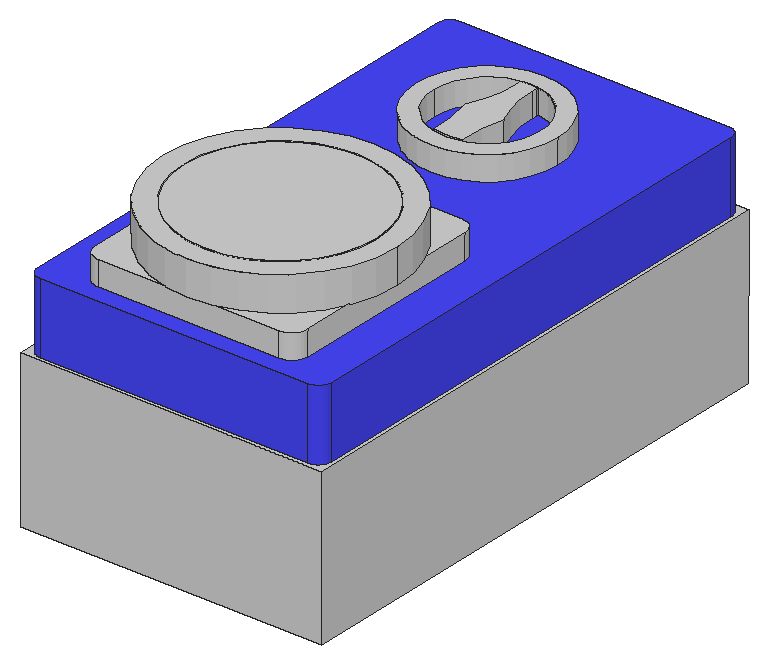
Revit family "Building-IEC309Connections-GEWISS-67IB-INTERLOCKED-SOCKET-OUTLETS_IP67_WITH_BOTTOM_63A", category Apparecchi elettrici, host Superficie, Revit 2019
Family settings
  Host = Superficie
  Mantenere orientamento annotazione = Sì
  Quota connettore circolare = Usa diametro
  Tipo di parte = Normale
  Taglio con vuoti quando caricato = Sì
  Condiviso = Sì
  Punto di calcolo locali = Sì
Parameters (values of type "GW67266N - 63A 3P+N+E 500V V.INT.SOCK.O.W.B.7H SBF")
  vista 2d [instance] = yes
  presa = Giallo
  giallo = 0 mm
  dist_piano [instance] = 27 mm
  Working temperature = "-25 ÷ +40 °C"
  With back-mounting box = "Yes"
  Version file RFA = "21.4"
  URL = "https://www.gewiss.com/ww/en"
  Typology = "Vertical"
  Thermo-pressure with ball = "125 °C (IB socket) - 80 °C (bottom)"
  Technical sheet = "https://www.gewiss.com/ww/en/search?q=GW67266N"
  Struttura = Grigio RAL - 7035
  Simbolo presa = PRESAINDSTAGNA : 3P
  Simbolo circuito [instance] = not(Simbolo)  # no
  Simbolo [instance] = yes
  Shock resistance = "IK08"
  SEO = "Socket outlet"
  Reference h = "7"
  Realized by GEWISS S.p.A. = ""
  Rated voltage: = "480 - 500 V"
  Rated voltage = "480 - 500 V"
  Rated frequency (Hz) = "50/60 Hz"
  Rated current (In) = "63"
  Rated current (A) = "63"
  Protection = "NO (SBF)"
  Default Elevation = 1219.2 mm
  Produttore = "GEWISS S.p.A."
  Operating temperature: = "-25 +40 °C"
  Number of poles = "3P+N+E"
  No. of poles = "3P+N+E"
  Modello = "GW67266N"
  Immagine tipo = F.jpg
  IP degree = "IP67"
  IDT = "a25d3694-d0a1-482b-9cd4-b67b9b60fa6b"
  IDF = "51023168-ce68-4f6c-bb69-d728f941b970"
  Glow wire test: = "850 °C (IB socket) - 650 °C (bottom)"
  Glow Wire Test = "850 °C (IB socket) - 650 °C (bottom)"
  Frequency = "50/60 Hz"
  Electrocod = "2222"
  EAN code = "8011564742369"
  Distanza x [instance] = 500 mm
  Distanza orizzontale simbolo [instance] = 0 mm
  Distanza effettiva x [instance] = 1500 mm - Distanza x  # 1000 mm
  Descrizione = "63A 3P+N+E 500V V.INT.SOCK.O.W.B.7H SBF"
  Corpo presa = GEWISS -BLU
  Cornice simbolo [instance] = yes
  Colour: = "Black"
  Colour = "Black"
  Catalogue Range = "67 IB"
  Catalogue = "BUILDING"
  COBie.Tagnumber = ""
  COBie.CreatedOn = ""
  COBie.CreatebBy = ""
  COBie.ComponentRegisterItemID = ""
  COBie.Component.TagNumber = ""
  COBie.Component.Space = ""
  COBie.Component.SerialNumber = ""
  COBie.Component.InstallationDate = ""
  COBie.Component.Description = ""
  COBie.Component.BarCode = ""
Types (11, lengths in mm): name | Technical sheet | Reference h | Rated voltage: | Rated voltage | Number of poles | No. of poles | Modello | IDT | EAN code | Descrizione | Colour: | Colour
  GW67256N - 63A 2P+E 110V V.INT.SOCK.O.W.B.4H SBF | "https://www.gewiss.com/ww/en/search?q=GW67256N" | "4" | "100 - 130 V" | "100 - 130 V" | "2P+E" | "2P+E" | "GW67256N" | "8fdad033-a92a-423d-bc6e-bef3b97897df" | "8011564742260" | "63A 2P+E 110V V.INT.SOCK.O.W.B.4H SBF" | "Yellow" | "Yellow"
  GW67257N - 63A 3P+E 110V V.INT.SOCK.O.W.B.4H SBF | "https://www.gewiss.com/ww/en/search?q=GW67257N" | "4" | "100 - 130 V" | "100 - 130 V" | "3P+E" | "3P+E" | "GW67257N" | "91e21c8c-c76c-4e34-ac3a-9f97cf986669" | "8011564742277" | "63A 3P+E 110V V.INT.SOCK.O.W.B.4H SBF" | "Yellow" | "Yellow"
  GW67258N - 63A 3P+N+E 110V V.INT.SOCK.O.W.B.4H SBF | "https://www.gewiss.com/ww/en/search?q=GW67258N" | "4" | "100 - 130 V" | "100 - 130 V" | "3P+N+E" | "3P+N+E" | "GW67258N" | "631404ad-5649-4120-8917-5fa8497cd763" | "8011564742284" | "63A 3P+N+E 110V V.INT.SOCK.O.W.B.4H SBF" | "Yellow" | "Yellow"
  GW67259N - 63A 2P+E 230V V.INT.SOCK.O.W.B.6H SBF | "https://www.gewiss.com/ww/en/search?q=GW67259N" | "6" | "200 - 250 V" | "200 - 250 V" | "2P+E" | "2P+E" | "GW67259N" | "7ddf4237-16a7-477c-9937-33ebed956893" | "8011564742291" | "63A 2P+E 230V V.INT.SOCK.O.W.B.6H SBF" | "Blue" | "Blue"
  GW67260N - 63A 3P+E 230V V.INT.SOCK.O.W.B.9H SBF | "https://www.gewiss.com/ww/en/search?q=GW67260N" | "9" | "200 - 250 V" | "200 - 250 V" | "3P+E" | "3P+E" | "GW67260N" | "67527fd8-7205-423c-9187-120e1a3945ee" | "8011564742307" | "63A 3P+E 230V V.INT.SOCK.O.W.B.9H SBF" | "Blue" | "Blue"
  GW67261N - 63A 3P+N+E 230V V.INT.SOCK.O.W.B.9H SBF | "https://www.gewiss.com/ww/en/search?q=GW67261N" | "9" | "200 - 250 V" | "200 - 250 V" | "3P+N+E" | "3P+N+E" | "GW67261N" | "055e547c-e120-4819-abdd-465e57ecccb4" | "8011564742314" | "63A 3P+N+E 230V V.INT.SOCK.O.W.B.9H SBF" | "Blue" | "Blue"
  GW67262N - 63A 2P+E 400V V.INT.SOCK.O.W.B.9H SBF | "https://www.gewiss.com/ww/en/search?q=GW67262N" | "9" | "380 - 415 V" | "380 - 415 V" | "2P+E" | "2P+E" | "GW67262N" | "fb7d3f5e-b132-4634-977c-0418e4937dbc" | "8011564742321" | "63A 2P+E 400V V.INT.SOCK.O.W.B.9H SBF" | "Red" | "Red"
  GW67263N - 63A 3P+E 400V V.INT.SOCK.O.W.B.6H SBF | "https://www.gewiss.com/ww/en/search?q=GW67263N" | "6" | "380 - 415 V" | "380 - 415 V" | "3P+E" | "3P+E" | "GW67263N" | "13e97b7c-4eef-48a1-8beb-254d1d083109" | "8011564742338" | "63A 3P+E 400V V.INT.SOCK.O.W.B.6H SBF" | "Red" | "Red"
  GW67264N - 63A 3P+N+E 400V V.INT.SOCK.O.W.B.6H SBF | "https://www.gewiss.com/ww/en/search?q=GW67264N" | "6" | "380 - 415 V" | "380 - 415 V" | "3P+N+E" | "3P+N+E" | "GW67264N" | "135a3347-8137-4a4e-a16f-901cfc3f4d26" | "8011564742345" | "63A 3P+N+E 400V V.INT.SOCK.O.W.B.6H SBF" | "Red" | "Red"
  GW67265N - 63A 3P+E 500V V.INT.SOCK.O.W.B.7H SBF | "https://www.gewiss.com/ww/en/search?q=GW67265N" | "7" | "480 - 500 V" | "480 - 500 V" | "3P+E" | "3P+E" | "GW67265N" | "9ffe0ccf-5cf4-42d7-8c17-889b2288932e" | "8011564742352" | "63A 3P+E 500V V.INT.SOCK.O.W.B.7H SBF" | "Black" | "Black"
  GW67266N - 63A 3P+N+E 500V V.INT.SOCK.O.W.B.7H SBF | "https://www.gewiss.com/ww/en/search?q=GW67266N" | "7" | "480 - 500 V" | "480 - 500 V" | "3P+N+E" | "3P+N+E" | "GW67266N" | "a25d3694-d0a1-482b-9cd4-b67b9b60fa6b" | "8011564742369" | "63A 3P+N+E 500V V.INT.SOCK.O.W.B.7H SBF" | "Black" | "Black"
Reference planes
  plane 1 "Centro (Fronte/Retro)": y = 0
  plane 2: z = 0
  plane 3 "Centro (Sinistra/Destra)": x = 0
  plane 4: z = -2
  plane 5: z = 102
  plane 6: x = -1500
  plane 7: x = 0
  plane 8: x = -74.725
  plane 9: y = 132.145
  plane 10: x = 74.725
  plane 11: y = -132.145
  plane 12: z = 25
  plane 13: x = -500
Forms (mm)
  Extrusion 1, solid, material "Grigio RAL - 7035" <- "Struttura"
    sketch origin (0, 0, 0) x (0, 1, 0) y (0, 0, 1)
      loop
        line (-132.145, 102) -> (-132.145, 25) -> (132.145, 25) -> (132.145, 102) -> (-132.145, 102)
    from -74.725 to 74.725
  Extrusion 2, solid, detail levels coarse
    sketch origin (0, 0, 0) x (0, 1, 0) y (0, 0, 1)
      loop
        line (-132.145, 166) -> (-132.145, 102) -> (132.145, 102) -> (132.145, 166) -> (-132.145, 166)
    from -74.725 to 74.725
Lines and regions (mm)
  Masking region 1, visible <- "vista 2d"
    outline origin (0, 0, 0) x (1, 0, 0) y (0, 0, 1)
      loop
        line (-58, 149) -> (58, 149) -> (58, 166) -> (-58, 166) -> (-58, 149)
  Masking region 2, visible <- "vista 2d"
    outline origin (0, 0, 0) x (1, 0, 0) y (0, 0, 1)
      loop
        line (-52.725, 137) -> (52.725, 137) -> (52.725, 149) -> (-52.725, 149) -> (-52.725, 137)
  Masking region 3, visible <- "vista 2d"
    outline origin (0, 0, 0) x (1, 0, 0) y (0, 0, 1)
      loop
        line (-72.725, 102) -> (72.725, 102) -> (72.725, 137) -> (-72.725, 137) -> (-72.725, 102)
Dimensions and locks
  locked: plane 2 to plane 4 at 2
  "dist_piano": plane 12 to plane 4
  plane 3 "Centro (Sinistra/Destra)" to plane 6 = 1500 mm
  locked: nested 1 to plane 9 at 2
  locked: plane 8 to nested 1 at 2
  locked: plane 11 to nested 1 at 2
  locked: nested 1 to plane 10 at 2
  locked: plane 5 to plane 12 at 77
  "Distanza effettiva x": plane 6 to plane 13
  plane 6 to plane 3 "Centro (Sinistra/Destra)" = 1500 mm
  aligned and locked: plane 2 to host face
  aligned and locked: level to host face
  aligned and locked: plane 3 "Centro (Sinistra/Destra)" to nested 1
  aligned and locked: plane 7 to nested 1
  aligned and locked: nested 1 to plane 5
  aligned and locked: Extrusion 1 sketch curve to plane 11
  aligned and locked: Extrusion 1 sketch curve to plane 12
  aligned and locked: Extrusion 1 sketch curve to plane 9
  aligned and locked: Extrusion 1 sketch curve to plane 5
  aligned and locked: Extrusion 1 to plane 8
  aligned and locked: Extrusion 1 to plane 10
  aligned and locked: nested 2 to plane 13
  aligned and locked: Extrusion 2 sketch curve to plane 11
  aligned and locked: Extrusion 2 sketch curve to plane 9
  aligned and locked: Extrusion 2 sketch curve to nested 1
  aligned and locked: Extrusion 2 sketch curve to plane 5
  aligned and locked: Extrusion 2 to plane 8
  aligned and locked: Extrusion 2 to plane 10
  aligned and locked: Masking region 1 sketch curve to nested 1  (x4)
  aligned and locked: Masking region 2 sketch curve to nested 1  (x4)
  aligned and locked: Masking region 3 sketch curve to nested 1  (x3)
  aligned and locked: nested 1 to Masking region 3 sketch curve
  aligned and locked: plane 13 to nested 3
Automatic sketch dimensions
  host sketch curve to host sketch curve = 2438.4 mm  (x2)
Nested families
  nested 1: "67IB PRESE INTERBLOC VERT 63A IP67_base" at (0, 0, 102), type "67IB PRESE INTERBLOC VERT 63A IP67_base", detail levels medium+fine
  nested 2: "PRESAINDSTAGNA" at (-500, 132.145, 0), BORDO ACCESO <- "Cornice simbolo", SIMBOLO ACCESO <- "Simbolo", type <- "Simbolo presa", Distanza dal muro <- "Distanza orizzontale simbolo", type "3P"
    with SIMBOLO ACCESO yes, Distanza dal muro 0 mm, BORDO ACCESO yes
  nested 3: "simbolo_circuito" at (-499.076, 132.145, 0), Distanza dal muro <- "Distanza orizzontale simbolo", SIMBOLO ACCESO <- "Simbolo circuito", type "3P"
    with SIMBOLO ACCESO no, Distanza dal muro 0 mm, BORDO ACCESO yes
Connectors
  electrical at (0, 0.052, 102)
    settings: on nested 1, index 1, voltage 0 V, apparent load 0 VA, apparent load phase1 0 VA, apparent load phase2 0 VA, apparent load phase3 0 VA, power factor 1, load classification "Altro", number of poles 1, system type 31, power factor state 1, is connector primary yes, connector utility no, sub classification motor no, connector description ""
Definition of nested family "67IB PRESE INTERBLOC VERT 63A IP67_base"
  Parameters (values of type "67IB PRESE INTERBLOC VERT 63A IP67_base")
    w = 145.449 mm
    raggio = 47.607 mm
    l = 260.291 mm
    corpo presa = none
    Struttura = none
    Spessore = 30 mm
    Default Elevation = 14 mm
    Presa = none
    Lunghezza = 103 mm
    IFC.TypeObject = ""
    IFC.ExportType = ""
    IFC.ExportAs = ""
    H_da terra = 586.883 mm
    COBie.CreatedOn = ""
    COBie.CreatebBy = ""
    COBie.ComponentRegisterItemID = ""
    COBie.Component.TagNumber = ""
    COBie.Component.Space = ""
    COBie.Component.SerialNumber = ""
    COBie.Component.InstallationDate = ""
    COBie.Component.Description = ""
    COBie.Component.BarCode = ""
    Altezza = 220 mm
  Reference planes
    plane 1 "Centro (Fronte/Retro)": y = 0
    plane 2: z = 0
    plane 3 "Centro (Sinistra/Destra)": x = 0
    plane 4: z = 6.883
    plane 5: z = 10.499
    plane 6 "presa": z = 64
    plane 7: z = 47
    plane 8: z = 35
    plane 9: y = 130.145
    plane 10: y = -130.145
    plane 11: y = -8
    plane 12: x = 72.725
    plane 13: x = -72.725
    plane 14: x = -52.725
    plane 15: x = 52.725
    plane 16: y = -64.397
  Forms (mm)
    Extrusion 1, solid, material <- "Struttura"
      sketch origin (-1.116, -694.604, -30) x (1, 0, 0) y (0, 1, 0)
        loop
          line (-51.609, 678.83) -> (-51.609, 581.482)
          arc (-51.609, 581.482) -> (-49.266, 575.825) -> (-43.609, 573.482) r 8
          line (-43.609, 573.482) -> (45.841, 573.482)
          arc (45.841, 573.482) -> (51.497, 575.825) -> (53.841, 581.482) r 8
          line (53.841, 581.482) -> (53.841, 678.604)
          arc (53.841, 678.604) -> (51.497, 684.26) -> (45.841, 686.604) r 8
          line (45.841, 686.604) -> (-43.612, 686.604)
          arc (-43.612, 686.604) -> (-49.188, 684.34) -> (-51.609, 678.83) r 8
      from 65 to 77
    Extrusion 2, solid, material <- "Presa"
      sketch origin (-1.116, -710.854, -30) x (1, 0, 0) y (0, 1, 0)
        loop
          circle (1.116, 646.456) r 58
        loop
          circle (1.116, 646.456) r 47.607
      from 77 to 94
    Extrusion 3, solid, material <- "Struttura"
      sketch origin (-1.116, -687.104, -30) x (1, 0, 0) y (0, 1, 0)
        loop
          circle (0, 752.384) r 35
        loop
          circle (0, 752.384) r 26.483
      from 65 to 77
    Extrusion 4, solid, material <- "Struttura"
      sketch origin (-1.116, -687.104, -30) x (1, 0, 0) y (0, 1, 0)
        loop
          arc (-9.552, 750.899) -> (-7.429, 739.645) -> (-7.314, 728.193) r 64.983
          arc (-7.314, 728.193) -> (-0.131, 727.067) -> (7.064, 728.115) r 24.316
          arc (7.064, 728.115) -> (7.302, 739.566) -> (9.547, 750.796) r 64.983
          arc (9.547, 750.796) -> (5.519, 762.425) -> (4.215, 774.661) r 54.251
          line (4.215, 774.661) -> (4.25, 777.658)
          arc (4.25, 777.658) -> (3.985, 778.329) -> (3.336, 778.647) r 1
          arc (3.336, 778.647) -> (0.147, 778.794) -> (-3.043, 778.682) r 39.364
          arc (-3.043, 778.682) -> (-3.695, 778.371) -> (-3.967, 777.702) r 1
          line (-3.967, 777.702) -> (-3.964, 774.706)
          arc (-3.964, 774.706) -> (-5.4, 762.483) -> (-9.552, 750.899) r 54.251
      from 65 to 77
    Extrusion 5, solid, material <- "corpo presa"
      sketch origin (-3.616, -699.604, -30) x (1, 0, 0) y (0, 1, 0)
        loop
          arc (76.341, 823.443) -> (74.494, 827.902) -> (70.035, 829.749) r 6.306
          line (70.035, 829.749) -> (-62.803, 829.749)
          arc (-62.803, 829.749) -> (-67.262, 827.902) -> (-69.109, 823.443) r 6.306
          line (-69.109, 823.443) -> (-69.109, 575.973)
          arc (-69.109, 575.973) -> (-67.201, 571.366) -> (-62.594, 569.458) r 6.515
          line (-62.594, 569.458) -> (69.826, 569.458)
          arc (69.826, 569.458) -> (74.432, 571.366) -> (76.341, 575.973) r 6.515
          line (76.341, 575.973) -> (76.341, 823.443)
      from 30 to 65
    Extrusion 6, solid, material <- "Struttura", not visible
      sketch origin (0, 47.014, -580) x (1, 0, 0) y (0, 0, 1)
        loop
          line (-0.408, 691.748) -> (-29.506, 691.748)
          spline (-29.506, 691.748) -> (-30.55, 691.681) -> (-31.576, 691.48) -> (-32.567, 691.148) -> (-33.505, 690.693) -> (-34.375, 690.12) -> (-35.161, 689.441) -> (-35.851, 688.666) -> (-36.432, 687.809) -> (-36.895, 686.885) -> (-37.231, 685.909) -> (-37.435, 684.898) -> (-37.503, 683.87)
          line (-37.503, 683.87) -> (-37.503, 615.12)
          spline (-37.503, 615.12) -> (-37.435, 614.091) -> (-37.231, 613.081) -> (-36.895, 612.105) -> (-36.432, 611.18) -> (-35.851, 610.324) -> (-35.161, 609.549) -> (-34.375, 608.869) -> (-33.505, 608.297) -> (-32.567, 607.841) -> (-31.576, 607.51) -> (-30.55, 607.309) -> (-29.506, 607.241)
          line (-29.506, 607.241) -> (0, 607.241) -> (29.506, 607.241)
          spline (29.506, 607.241) -> (30.55, 607.309) -> (31.576, 607.51) -> (32.567, 607.841) -> (33.505, 608.297) -> (34.375, 608.869) -> (35.161, 609.549) -> (35.851, 610.324) -> (36.432, 611.18) -> (36.895, 612.105) -> (37.231, 613.081) -> (37.435, 614.091) -> (37.503, 615.12)
          line (37.503, 615.12) -> (37.503, 683.87)
          spline (37.503, 683.87) -> (37.435, 684.898) -> (37.231, 685.909) -> (36.895, 686.885) -> (36.432, 687.809) -> (35.851, 688.666) -> (35.161, 689.441) -> (34.375, 690.12) -> (33.505, 690.693) -> (32.567, 691.148) -> (31.576, 691.48) -> (30.55, 691.681) -> (29.506, 691.748)
          line (29.506, 691.748) -> (-0.408, 691.748)
      from 51.991 to 55.821
    Extrusion 7, solid, material <- "Presa", not visible
      sketch origin (0, 47.014, -580) x (1, 0, 0) y (0, 0, 1)
        loop
          circle (0, 646.456) r 46.899
      from 55.821 to 62.709
    Extrusion 8, solid, material <- "Struttura", not visible
      sketch origin (0, 47.014, -580) x (1, 0, 0) y (0, 0, 1)
        loop
          circle (0, 752.384) r 30.831
        loop
          circle (0, 752.384) r 26.483
      from 51.991 to 62.709
    Extrusion 9, solid, material <- "Struttura", not visible
      sketch origin (0, 47.014, -580) x (1, 0, 0) y (0, 0, 1)
        loop
          arc (-9.552, 750.899) -> (-7.429, 739.645) -> (-7.314, 728.193) r 64.983
          arc (-7.314, 728.193) -> (-0.131, 727.067) -> (7.064, 728.115) r 24.316
          arc (7.064, 728.115) -> (7.302, 739.566) -> (9.547, 750.796) r 64.983
          arc (9.547, 750.796) -> (5.519, 762.425) -> (4.215, 774.661) r 54.251
          line (4.215, 774.661) -> (4.25, 777.658)
          arc (4.25, 777.658) -> (3.985, 778.329) -> (3.336, 778.647) r 1
          arc (3.336, 778.647) -> (0.147, 778.794) -> (-3.043, 778.682) r 39.364
          arc (-3.043, 778.682) -> (-3.695, 778.371) -> (-3.967, 777.702) r 1
          line (-3.967, 777.702) -> (-3.964, 774.706)
          arc (-3.964, 774.706) -> (-5.4, 762.483) -> (-9.552, 750.899) r 54.251
      from 51.991 to 62.709
    Extrusion 10, solid, material <- "corpo presa", not visible
      sketch origin (0, 47.014, -580) x (1, 0, 0) y (0, 0, 1)
        loop
          arc (47.884, 796.962) -> (46.037, 801.42) -> (41.578, 803.267) r 6.306
          line (41.578, 803.267) -> (-41.578, 803.267)
          arc (-41.578, 803.267) -> (-46.037, 801.42) -> (-47.884, 796.962) r 6.306
          line (-47.884, 796.962) -> (-47.884, 597.014)
          arc (-47.884, 597.014) -> (-45.976, 592.407) -> (-41.369, 590.499) r 6.515
          line (-41.369, 590.499) -> (41.369, 590.499)
          arc (41.369, 590.499) -> (45.976, 592.407) -> (47.884, 597.014) r 6.515
          line (47.884, 597.014) -> (47.884, 796.962)
      from 30 to 51.991
    Extrusion 11, solid, material <- "Struttura"
      sketch origin (0, 0, 0) x (1, 0, 0) y (0, 1, 0)
        loop
          circle (0, -64.397) r 47.607
      from 47 to 64
  Lines and regions (mm)
    symbolic lines
      curve 1: line (-47.607, -64.397, 64) -> (47.607, -64.397, 64)
      curve 2: line (0, -16.791, 64) -> (0, -112.004, 64)
  Dimensions and locks
    locked: plane 5 to plane 4 at 3.616
    Extrusion 5 sketch curve to Extrusion 5 sketch curve = 145.449 mm
    plane 6 "presa" to plane 2 = 64 mm
    locked: plane 7 to plane 6 "presa" at 17
    plane 8 to plane 2 = 35 mm
    locked: plane 8 to plane 7 at 12
    equal spacing: plane 10, plane 1 "Centro (Fronte/Retro)", plane 9
    "l": plane 10 to plane 9
    locked: plane 1 "Centro (Fronte/Retro)" to plane 11 at 8
    equal spacing: plane 13, plane 3 "Centro (Sinistra/Destra)", plane 12
    "w": plane 13 to plane 12
    locked: plane 13 to plane 14 at 20
    plane 15 to plane 12 = 20 mm
    equal spacing: plane 14, plane 3 "Centro (Sinistra/Destra)", plane 15
    radius of Extrusion 5 sketch curve = 6.306 mm  (x2)
    radius of Extrusion 5 sketch curve = 6.515 mm  (x2)
    radius of Extrusion 1 sketch curve = 8 mm  (x3)
    "raggio": radius of Extrusion 11 sketch curve
    "raggio": radius of Extrusion 2 sketch curve
    aligned and locked: level to plane 2
    aligned and locked: Extrusion 3 to Extrusion 5
    aligned and locked: Extrusion 4 to Extrusion 3
    aligned and locked: Extrusion 3 to Extrusion 4
    aligned and locked: Extrusion 2 to Extrusion 1
    aligned and locked: Extrusion 5 to level
    aligned and locked: plane 6 "presa" to Extrusion 2
    aligned and locked: Extrusion 11 to Extrusion 1
    aligned and locked: plane 6 "presa" to Extrusion 11
    aligned and locked: Extrusion 1 to plane 7
    aligned and locked: Extrusion 5 to plane 8
    aligned and locked: plane 8 to Extrusion 1
    aligned and locked: Extrusion 3 to plane 7
    aligned and locked: plane 10 to Extrusion 5
    aligned and locked: Extrusion 5 to plane 9
    aligned and locked: Extrusion 5 sketch curve to plane 13
    aligned and locked: plane 14 to Extrusion 1 sketch curve
    aligned and locked: Extrusion 1 sketch curve to plane 15
    aligned and locked: plane 3 "Centro (Sinistra/Destra)" to Extrusion 2 sketch curve  (x2)
    aligned and locked: plane 16 to Extrusion 2 sketch curve  (x2)
    aligned and locked: curve 1 to plane 16
    aligned and locked: curve 2 to plane 3 "Centro (Sinistra/Destra)"
  Automatic sketch dimensions
    Extrusion 3 sketch curve to Extrusion 3 sketch curve = 0 mm  (x2)
    Extrusion 3 sketch curve to plane 3 "Centro (Sinistra/Destra)" = 1.116 mm
    Extrusion 3 sketch curve to plane 1 "Centro (Fronte/Retro)" = 65.28 mm
    Extrusion 4 sketch curve to plane 1 "Centro (Fronte/Retro)" = 46.167 mm
    Extrusion 4 sketch curve to plane 3 "Centro (Sinistra/Destra)" = 73.214 mm
    Extrusion 4 sketch curve to Extrusion 4 sketch curve = 13.883 mm
    Extrusion 4 sketch curve to plane 3 "Centro (Sinistra/Destra)" = 5.083 mm
    Extrusion 4 sketch curve to Extrusion 4 sketch curve = 0.003 mm
    Extrusion 4 sketch curve to Extrusion 4 sketch curve = 1 mm  (x2)
    Extrusion 4 sketch curve to plane 3 "Centro (Sinistra/Destra)" = 1.18 mm
    Extrusion 4 sketch curve to plane 3 "Centro (Sinistra/Destra)" = 1.116 mm
    plane 3 "Centro (Sinistra/Destra)" to Extrusion 4 sketch curve = 2.134 mm
    plane 3 "Centro (Sinistra/Destra)" to Extrusion 4 sketch curve = 3.099 mm
    Extrusion 4 sketch curve to Extrusion 4 sketch curve = 54.25 mm
    Extrusion 4 sketch curve to Extrusion 4 sketch curve = 13.435 mm
    Extrusion 4 sketch curve to plane 1 "Centro (Fronte/Retro)" = 45.393 mm
    Extrusion 4 sketch curve to plane 1 "Centro (Fronte/Retro)" = 52.327 mm
    Extrusion 4 sketch curve to Extrusion 4 sketch curve = 11.953 mm
    Extrusion 4 sketch curve to Extrusion 4 sketch curve = 41.757 mm
    Extrusion 4 sketch curve to Extrusion 4 sketch curve = 23.278 mm
    Extrusion 4 sketch curve to Extrusion 4 sketch curve = 0.044 mm
    Extrusion 4 sketch curve to Extrusion 4 sketch curve = 41.61 mm
    Extrusion 4 sketch curve to Extrusion 4 sketch curve = 2.99 mm
    Extrusion 4 sketch curve to Extrusion 4 sketch curve = 0.007 mm
    Extrusion 4 sketch curve to Extrusion 4 sketch curve = 2.979 mm
    Extrusion 4 sketch curve to Extrusion 4 sketch curve = 0.018 mm
    Extrusion 4 sketch curve to Extrusion 4 sketch curve = 9.552 mm
    Extrusion 4 sketch curve to plane 3 "Centro (Sinistra/Destra)" = 8.43 mm
    Extrusion 4 sketch curve to Extrusion 4 sketch curve = 0 mm
    plane 3 "Centro (Sinistra/Destra)" to Extrusion 4 sketch curve = 5.949 mm
    plane 9 to Extrusion 5 sketch curve = 0 mm
    plane 10 to Extrusion 5 sketch curve = 0 mm
    Extrusion 1 sketch curve to plane 11 = 0 mm
    Extrusion 1 sketch curve to Extrusion 1 sketch curve = 7.997 mm
    Extrusion 1 sketch curve to Extrusion 1 sketch curve = 8 mm
    Extrusion 1 sketch curve to plane 10 = 9.024 mm
    curve 2 to plane 11 = 8.791 mm
    curve 2 to plane 10 = 18.141 mm
    curve 1 to plane 14 = 5.118 mm
    curve 1 to plane 15 = 5.118 mm
    Extrusion 11 sketch curve to plane 3 "Centro (Sinistra/Destra)" = 0 mm
    Extrusion 11 sketch curve to plane 16 = 0 mm
    radius of Extrusion 3 sketch curve = 35 mm
    radius of Extrusion 3 sketch curve = 26.483 mm
    radius of Extrusion 2 sketch curve = 58 mm
Definition of nested family "PRESAINDSTAGNA"
  Parameters (values of type "3P")
    SIMBOLO ACCESO [instance] = yes
    SIMBOLO = PRESAINDSTAGNA_BASE : 3P
    Distanza dal muro [instance] = 0 mm
    BORDO ACCESO [instance] = yes
  Types (2): name
    2P
    3P
  Reference planes
    plane 1: y = 0
    plane 2: x = 0
  Dimensions and locks
    "Distanza dal muro": plane 1 to nested 1
    aligned and locked: plane 2 to nested 1
  Nested families
    nested 1: "PRESAINDSTAGNA_BASE" at (0, 0, 0), type <- "SIMBOLO", CORNICE SIMBOLO <- "BORDO ACCESO", visible <- "SIMBOLO ACCESO", type "3P"
  Definition of nested family "PRESAINDSTAGNA_BASE"
    Parameters (values of type "3P")
      CORNICE SIMBOLO [instance] = yes
      3P = yes
    Types (2, lengths in mm): name | 3P
      3P | yes
      2P | no
    Reference planes
      plane 1: y = 0
      plane 2: x = 0
    Lines and regions (mm)
      detail lines, not visible
        curve 1: line (-2.443, 10.208, 0) -> (2.057, 10.208, 0)
        curve 2: line (2.057, 10.208, 0) -> (2.057, 4.208, 0)
        curve 3: line (2.057, 4.208, 0) -> (-2.443, 4.208, 0)
        curve 4: line (-2.443, 4.208, 0) -> (-2.443, 10.208, 0)
        curve 5: line (-2.043, 9.808, 0) -> (1.657, 9.808, 0)
        curve 6: line (1.657, 9.808, 0) -> (1.657, 4.608, 0)
        curve 7: line (1.657, 4.608, 0) -> (-2.043, 4.608, 0)
        curve 8: line (-2.043, 4.608, 0) -> (-2.043, 9.808, 0)
      detail lines
        curve 9: line (-0.333, 0.928, 0) -> (-0.05, 0.928, 0)
        curve 10: line (-0.05, 0.928, 0) -> (0.417, 1.737, 0)
        curve 11: line (0.417, 1.737, 0) -> (0.764, 1.537, 0)
        curve 12: line (-0.05, 0.928, 0) -> (-0.333, 0.437, 0)
        curve 13: line (-0.333, 0.437, 0) -> (-0.333, 2.059, 0)
        curve 14: line (0.222, 1.399, 0) -> (0.569, 1.199, 0)
        curve 15: line (-0.723, 0.437, 0) -> (0.057, 0.437, 0)
        curve 16: line (-0.333, 0.81, 0) -> (-0.216, 0.928, 0)
        curve 17: line (-0.333, 0.741, 0) -> (-0.147, 0.928, 0)
        curve 18: line (-0.333, 0.672, 0) -> (-0.078, 0.928, 0)
        curve 19: line (-0.333, 0.603, 0) -> (-0.106, 0.831, 0)
        curve 20: line (-0.333, 0.534, 0) -> (-0.2, 0.668, 0)
        curve 21: arc (-0.723, 0.047, 0) -> (-0.333, 0.437, 0) -> (0.057, 0.047, 0) r 0.39
        curve 22: line (-0.8, 2.1, 0) -> (0.8, 2.1, 0)
        curve 23: line (-0.8, 0, 0) -> (-0.8, 2.1, 0)
        curve 24: line (0.8, 0, 0) -> (-0.8, 0, 0)
        curve 25: line (0.8, 2.1, 0) -> (0.8, 0, 0)
Definition of nested family "simbolo_circuito"
  Parameters (values of type "3P")
    SIMBOLO ACCESO [instance] = yes
    SIMBOLO = PRESAINDSTAGNA_BASE : 3P
    Distanza dal muro [instance] = 0 mm
    BORDO ACCESO [instance] = yes
  Reference planes
    plane 1: y = 0
    plane 2: x = 0
  Dimensions and locks
    "Distanza dal muro": plane 1 to nested 1
    aligned and locked: plane 2 to nested 1
  Nested families
    nested 1: "simb_base_di circuito" at (0, 0, 0), visible <- "SIMBOLO ACCESO", type "3P"
      with CORNICE SIMBOLO yes
  Definition of nested family "simb_base_di circuito"
    Parameters (values of type "3P")
      CORNICE SIMBOLO [instance] = yes
      3P = yes
    Types (2, lengths in mm): name | 3P
      3P | yes
      2P | no
    Reference planes
      plane 1: y = 0
      plane 2: x = 0
    Lines and regions (mm)
      detail lines, not visible
        curve 1: line (-2.443, 10.208, 0) -> (2.057, 10.208, 0)
        curve 2: line (2.057, 10.208, 0) -> (2.057, 4.208, 0)
        curve 3: line (2.057, 4.208, 0) -> (-2.443, 4.208, 0)
        curve 4: line (-2.443, 4.208, 0) -> (-2.443, 10.208, 0)
        curve 5: line (-2.043, 9.808, 0) -> (1.657, 9.808, 0)
        curve 6: line (1.657, 9.808, 0) -> (1.657, 4.608, 0)
        curve 7: line (1.657, 4.608, 0) -> (-2.043, 4.608, 0)
        curve 8: line (-2.043, 4.608, 0) -> (-2.043, 9.808, 0)
    Dimensions and locks
      aligned and locked: import instance to plane 2
      aligned and locked: plane 1 to import instance
